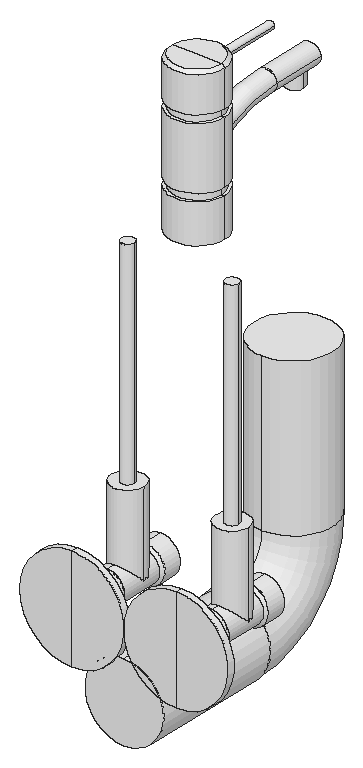
Revit family
Parameters (values of type "Default")
  VVS Number = "635131100"
  URL = "www.maxsibbern.dk"
  Supply Pipe Radius = 5 mm
  Sink Material = Ifö_Porcelain
  Return Pipe Radius = 30 mm
  Reseller = "Max Sibbern A/S"
  Pipes Visible = yes
  Pipe & Fittings = Ifö_Chrome
  Model = "Ifö Sink"
  Manufacturer = "Ifö"
  Ifö Number = "21120"
  Fixture Visible = yes
  Fixture = Ifö_Chrome
  Elevation Top = 870 mm
  Connectors Vertical Placement = 615 mm
  Connector_Out V distance = 50 mm
  Connector_In V distance = 0 mm
  Connector_In H distance = 40 mm
  CE Labeling = "yes"
  Assembly Code = "D2010"
Reference planes
  plane 1 "Wall": y = 0
  plane 2 "Center (Left/Right)": x = 125
  plane 3 "Back": y = 50
  plane 4: z = 615
  plane 5 "Connectors": y = 125
  plane 6 "IN V": z = 615
  plane 7 "Out V": z = 565
  plane 8: x = 85
  plane 9: x = 165
  plane 10: y = 60
  plane 11 "Recomended Floor Placement": z = 0
  plane 12: z = 870
  plane 13: z = 845
  plane 14: z = 745
  plane 15: y = 212.444
  plane 16: z = 850
  plane 17: y = 103.444
  plane 18: z = 850
  plane 19: z = 615
  plane 20: z = 859.901
  plane 21: z = 859.818
Forms (mm)
  Extrusion 1, solid, material "Ifö_Chrome" <- "Pipe & Fittings", visible <- "Pipes Visible"
    sketch origin (560.534, 225, 615) x (1, 0, 0) y (0, 1, 0)
      loop
        circle (-395.534, -121.556) r 12.5
    from 0 to 65
  Extrusion 2, solid, material "Ifö_Chrome" <- "Pipe & Fittings", visible <- "Pipes Visible"
    sketch origin (560.534, 225, 680) x (1, 0, 0) y (0, 1, 0)
      loop
        circle (-395.534, -121.556) r 5
    from 0 to 165
  Extrusion 3, solid, material "Ifö_Chrome" <- "Pipe & Fittings", visible <- "Pipes Visible"
    sketch origin (560.534, 225, 615) x (1, 0, 0) y (0, 1, 0)
      loop
        circle (-475.534, -121.556) r 12.5
    from 0 to 65
  Extrusion 4, solid, material "Ifö_Chrome" <- "Pipe & Fittings", visible <- "Pipes Visible"
    sketch origin (560.534, 225, 680) x (1, 0, 0) y (0, 1, 0)
      loop
        circle (-475.534, -121.556) r 5
    from 0 to 165
  Sweep 5, solid, material "Ifö_Chrome" <- "Pipe & Fittings", visible <- "Pipes Visible"
    path origin (125, 0, 0) x (0, 1, 0) y (0, 0, 1)
      loop
        line (212.444, 745) -> (212.444, 624.947)
        arc (212.444, 624.947) -> (194.886, 582.558) -> (152.497, 565) r 59.947
        line (152.497, 565) -> (50, 565)
    profile origin (125, 101.249, 565) x (0, 0, -1) y (1, 0, 0)
      loop
        circle (0, 0) r 30
  Revolve 6, solid, material "Ifö_Chrome" <- "Pipe & Fittings", visible <- "Pipes Visible"
    sketch origin (85, 225, 546.792) x (0, 0, 1) y (0, 1, 0)
      loop
        line (68.208, -175) -> (68.208, -86.556) -> (62.802, -86.556) -> (53.405, -89.976) -> (53.405, -104.976) -> (55.678, -107.249) -> (55.678, -141.189) -> (53.405, -143.463) -> (53.405, -160.829) -> (28.208, -170) -> (28.208, -175) -> (68.208, -175)
      axis (68.208, -175) -> (68.208, -86.556)
    angle from 0 to 360
  Revolve 7, solid, material "Ifö_Chrome" <- "Pipe & Fittings", visible <- "Pipes Visible"
    sketch origin (165, 225, 546.792) x (0, 0, 1) y (0, 1, 0)
      loop
        line (68.208, -175) -> (68.208, -86.556) -> (62.802, -86.556) -> (53.405, -89.976) -> (53.405, -104.976) -> (55.678, -107.249) -> (55.678, -141.189) -> (53.405, -143.463) -> (53.405, -160.829) -> (28.208, -170) -> (28.208, -175) -> (68.208, -175)
      axis (68.208, -175) -> (68.208, -86.556)
    angle from 0 to 360
Lines and regions (mm)
  Masking region 1, visible <- "Pipes Visible"
    outline origin (-1104.869, 125, 1200) x (-1, 0, 0) y (0, 0, -1)
      loop
        line (-1177.369, 520) -> (-1177.369, 547.003)
        arc (-1177.369, 547.003) -> (-1150.373, 591.33) -> (-1189.869, 625) r 40
        arc (-1189.869, 625) -> (-1229.365, 591.33) -> (-1202.369, 547.003) r 40
        line (-1202.369, 547.003) -> (-1202.369, 520) -> (-1194.869, 520) -> (-1194.869, 453.2) -> (-1184.869, 453.2) -> (-1184.869, 520) -> (-1177.369, 520)
  Masking region 2, visible <- "Fixture Visible"
    outline origin (125, 0, 0) x (0, 1, 0) y (0, 0, 1)
      loop
        line (99, 870) -> (141, 870) -> (141, 912.962)
        arc (141, 912.962) -> (162.895, 922.032) -> (186.391, 925.125) r 90.783
        line (186.391, 925.125) -> (228.455, 925.125) -> (228.455, 941.125) -> (184.854, 941.125)
        arc (184.854, 941.125) -> (162.35, 938.561) -> (141, 931.001) r 100.038
        line (141, 931.001) -> (141, 966.32) -> (190, 966.32) -> (190, 972.157) -> (141, 972.157) -> (141, 980) -> (99, 980) -> (99, 870)
  Masking region 3, visible <- "Pipes Visible"
    outline origin (125, 0, 0) x (0, 1, 0) y (0, 0, 1)
      loop
        line (182.444, 745) -> (182.444, 624.947)
        arc (182.444, 624.947) -> (173.673, 603.771) -> (152.497, 595) r 29.947
        line (152.497, 595) -> (50, 595) -> (50, 535) -> (157.497, 535)
        arc (157.497, 535) -> (217.564, 559.88) -> (242.444, 619.947) r 84.947
        line (242.444, 619.947) -> (242.444, 745) -> (182.444, 745)
  Masking region 4, not visible
    outline origin (1354.869, 75, 1200) x (1, 0, 0) y (0, 0, 1)
      loop
        line (-1144.869, -460) -> (-1019.603, -460)
        arc (-1019.603, -460) -> (-1008.971, -400.401) -> (-1004.869, -340) r 557.093
        line (-1004.869, -340) -> (-1454.869, -340)
        arc (-1454.869, -340) -> (-1450.767, -400.401) -> (-1440.135, -460) r 557.093
        line (-1440.135, -460) -> (-1314.869, -460)
        arc (-1314.869, -460) -> (-1287.456, -463.815) -> (-1259.798, -464.818) r 271.372
        line (-1259.798, -464.818) -> (-1199.94, -464.818)
        arc (-1199.94, -464.818) -> (-1172.281, -463.815) -> (-1144.869, -460) r 271.372
  Masking region 5, not visible
    outline origin (125, 0, 0) x (0, 1, 0) y (0, 0, 1)
      loop
        line (100, 860) -> (100, 741.4) -> (195.929, 741.4)
        arc (195.929, 741.4) -> (204.336, 736.721) -> (213.82, 735.099) r 28.551
        line (213.82, 735.099) -> (291.432, 735.099)
        arc (291.432, 735.099) -> (299.474, 738.147) -> (307.436, 741.4) r 335.729
        line (307.436, 741.4) -> (401.354, 741.4)
        arc (401.354, 741.4) -> (408.647, 744.568) -> (412.198, 751.682) r 11.624
        arc (412.198, 751.682) -> (416.968, 798.947) -> (420.478, 846.321) r 1785.073
        arc (420.478, 846.321) -> (417.928, 855.837) -> (409, 860) r 11.655
        line (409, 860) -> (100, 860)
  Masking region 6, visible <- "Pipes Visible"
    outline origin (1354.869, 125, 1200) x (1, 0, 0) y (0, 0, 1)
      loop
        line (-1177.369, -520) -> (-1184.869, -520) -> (-1184.869, -453.2) -> (-1194.869, -453.2) -> (-1194.869, -520) -> (-1202.369, -520) -> (-1202.369, -547.003)
        arc (-1202.369, -547.003) -> (-1229.365, -591.33) -> (-1189.869, -625) r 40
        arc (-1189.869, -625) -> (-1150.373, -591.33) -> (-1177.369, -547.003) r 40
        line (-1177.369, -547.003) -> (-1177.369, -520)
  Masking region 7, visible <- "Pipes Visible"
    outline origin (125, 0, 0) x (0, 1, 0) y (0, 0, 1)
      loop
        line (138.444, 629.803) -> (115.944, 629.803) -> (115.944, 680) -> (108.444, 680) -> (108.444, 751.301) -> (98.444, 751.301) -> (98.444, 680) -> (90.944, 680) -> (90.944, 629.803) -> (50, 629.803) -> (50, 600.197) -> (138.444, 600.197) -> (138.444, 629.803)
  Masking region 8
    outline origin (0, -75, 0) x (1, 0, 0) y (0, 1, 0)
      loop
        arc (335.61, 125) -> (344.829, 128.819) -> (348.648, 138.038) r 13.038
        line (348.648, 138.038) -> (348.648, 363.038)
        arc (348.648, 363.038) -> (345.506, 394.166) -> (335.715, 423.882) r 144.011
        arc (335.715, 423.882) -> (306.745, 437.7) -> (275, 442.444) r 108.576
        line (275, 442.444) -> (125, 442.444) -> (-25, 442.444)
        arc (-25, 442.444) -> (-56.745, 437.7) -> (-85.715, 423.882) r 108.576
        arc (-85.715, 423.882) -> (-95.506, 394.166) -> (-98.648, 363.038) r 144.011
        line (-98.648, 363.038) -> (-98.648, 138.038)
        arc (-98.648, 138.038) -> (-94.829, 128.819) -> (-85.61, 125) r 13.038
        line (-85.61, 125) -> (335.61, 125)
  Masking region 9, not visible
    outline origin (0, 0, 0) x (1, 0, 0) y (0, 1, 0)
      loop
        arc (335.61, 125) -> (344.829, 128.819) -> (348.648, 138.038) r 13.038
        line (348.648, 138.038) -> (348.648, 363.038)
        arc (348.648, 363.038) -> (345.506, 394.166) -> (335.715, 423.882) r 144.011
        arc (335.715, 423.882) -> (306.745, 437.7) -> (275, 442.444) r 108.576
        line (275, 442.444) -> (125, 442.444) -> (-25, 442.444)
        arc (-25, 442.444) -> (-56.745, 437.7) -> (-85.715, 423.882) r 108.576
        arc (-85.715, 423.882) -> (-95.506, 394.166) -> (-98.648, 363.038) r 144.011
        line (-98.648, 363.038) -> (-98.648, 138.038)
        arc (-98.648, 138.038) -> (-94.829, 128.819) -> (-85.61, 125) r 13.038
        line (-85.61, 125) -> (335.61, 125)
  Masking region 10, visible <- "Pipes Visible"
    outline origin (1354.869, 125, 1200) x (1, 0, 0) y (0, 0, 1)
      loop
        line (-1199.869, -455) -> (-1259.869, -455) -> (-1259.869, -635)
        arc (-1259.869, -635) -> (-1229.869, -665) -> (-1199.869, -635) r 30
        line (-1199.869, -635) -> (-1199.869, -455)
  Masking region 11
    outline origin (125, -50, 9.901) x (0, 1, 0) y (0, 0, 1)
      loop
        line (100, 860) -> (100, 741.4) -> (195.929, 741.4)
        arc (195.929, 741.4) -> (204.336, 736.721) -> (213.82, 735.099) r 28.551
        line (213.82, 735.099) -> (291.432, 735.099)
        arc (291.432, 735.099) -> (299.474, 738.147) -> (307.436, 741.4) r 335.729
        line (307.436, 741.4) -> (401.354, 741.4)
        arc (401.354, 741.4) -> (408.647, 744.568) -> (412.198, 751.682) r 11.624
        arc (412.198, 751.682) -> (416.968, 798.947) -> (420.478, 846.321) r 1785.073
        arc (420.478, 846.321) -> (417.928, 855.837) -> (409, 860) r 11.655
        line (409, 860) -> (100, 860)
  Masking region 12
    outline origin (1354.869, 75, 1209.818) x (1, 0, 0) y (0, 0, 1)
      loop
        line (-1144.869, -460) -> (-1019.603, -460)
        arc (-1019.603, -460) -> (-1008.971, -400.401) -> (-1004.869, -340) r 557.093
        line (-1004.869, -340) -> (-1454.869, -340)
        arc (-1454.869, -340) -> (-1450.767, -400.401) -> (-1440.135, -460) r 557.093
        line (-1440.135, -460) -> (-1314.869, -460)
        arc (-1314.869, -460) -> (-1287.456, -463.815) -> (-1259.798, -464.818) r 271.372
        line (-1259.798, -464.818) -> (-1199.94, -464.818)
        arc (-1199.94, -464.818) -> (-1172.281, -463.815) -> (-1144.869, -460) r 271.372
  Masking region 13, visible <- "Fixture Visible"
    outline origin (1354.869, 125, 1200) x (1, 0, 0) y (0, 0, 1)
      loop
        line (-1208.869, -330) -> (-1208.869, -220) -> (-1250.869, -220) -> (-1250.869, -330) -> (-1208.869, -330)
  symbolic lines, visible <- "Fixture Visible"
    curve 1: circle (125, 125, 940) r 15 normal (0, -1, 0)
  symbolic lines, visible <- "Pipes Visible"
    curve 2: line (177.5, 125, 652.997) -> (177.5, 125, 615)
    curve 3: line (152.5, 125, 652.997) -> (152.5, 125, 615)
    curve 4: arc (152.5, 125, 615) -> (165, 125, 602.5) -> (177.5, 125, 615) r 12.5
    curve 5: line (97.5, 125, 652.997) -> (97.5, 125, 615)
    curve 6: line (72.5, 125, 652.997) -> (72.5, 125, 615)
    curve 7: arc (72.5, 125, 615) -> (85, 125, 602.5) -> (97.5, 125, 615) r 12.5
  symbolic lines
    curve 8: line (210, 125, 749.818) -> (40, 125, 749.818)
    curve 10: line (235, 339.625, 0) -> (15, 339.625, 0)
    curve 11: arc (15, 339.625, 0) -> (-15.707, 337.747, 0) -> (-45.956, 332.141, 0) r 251.964
    curve 12: arc (-45.956, 332.141, 0) -> (-61.096, 318.126, 0) -> (-67.741, 298.594, 0) r 42.019
    curve 13: arc (-67.741, 298.594, 0) -> (-69.827, 267.094, 0) -> (-71.045, 235.548, 0) r 1147.027
    curve 14: line (-71.045, 235.548, 0) -> (-71.045, 155, 0)
    curve 15: arc (-71.045, 155, 0) -> (-66.903, 145, 0) -> (-56.903, 140.858, 0) r 14.142
    curve 16: line (-56.903, 140.858, 0) -> (306.903, 140.858, 0)
    curve 17: arc (235, 339.625, 0) -> (265.707, 337.747, 0) -> (295.956, 332.141, 0) r 251.964
    curve 18: arc (295.956, 332.141, 0) -> (311.096, 318.126, 0) -> (317.741, 298.594, 0) r 42.019
    curve 19: arc (317.741, 298.594, 0) -> (319.827, 267.094, 0) -> (321.045, 235.548, 0) r 1147.027
    curve 20: line (321.045, 235.548, 0) -> (321.045, 155, 0)
    curve 21: arc (321.045, 155, 0) -> (316.903, 145, 0) -> (306.903, 140.858, 0) r 14.142
    curve 34: line (125, 257.436, 751.301) -> (125, 145.929, 751.301)
    curve 35: circle (125, 212.444, 0) r 30 normal (0, 0, 1)
  symbolic lines, not visible
    curve 9: line (125, 307.436, 741.4) -> (125, 195.929, 741.4)
    curve 22: line (235, 414.625, 0) -> (15, 414.625, 0)
    curve 23: arc (15, 414.625, 0) -> (-15.707, 412.747, 0) -> (-45.956, 407.141, 0) r 251.964
    curve 24: arc (-45.956, 407.141, 0) -> (-61.096, 393.126, 0) -> (-67.741, 373.594, 0) r 42.019
    curve 25: arc (-67.741, 373.594, 0) -> (-69.827, 342.094, 0) -> (-71.045, 310.548, 0) r 1147.027
    curve 26: line (-71.045, 310.548, 0) -> (-71.045, 230, 0)
    curve 27: arc (-71.045, 230, 0) -> (-66.903, 220, 0) -> (-56.903, 215.858, 0) r 14.142
    curve 28: line (-56.903, 215.858, 0) -> (306.903, 215.858, 0)
    curve 29: arc (235, 414.625, 0) -> (265.707, 412.747, 0) -> (295.956, 407.141, 0) r 251.964
    curve 30: arc (295.956, 407.141, 0) -> (311.096, 393.126, 0) -> (317.741, 373.594, 0) r 42.019
    curve 31: arc (317.741, 373.594, 0) -> (319.827, 342.094, 0) -> (321.045, 310.548, 0) r 1147.027
    curve 32: line (321.045, 310.548, 0) -> (321.045, 230, 0)
    curve 33: arc (321.045, 230, 0) -> (316.903, 220, 0) -> (306.903, 215.858, 0) r 14.142
Text (mm)
  text "Placement Side" at (-1848.837, 1116.779, 0), in view "Ref. Level"
  text "Placement side" at (0, 1409.804, 2854.306), in view "Left"
  text "Placement side" at (0, 499.811, 2980.732), in view "Right"
Dimensions and locks
  locked: plane 3 "Back" to host wall
  "Connector_Out V distance": plane 7 "Out V" to plane 19
  "Connector_In H distance": plane 2 "Center (Left/Right)" to plane 8
  "Connector_In H distance": plane 9 to plane 2 "Center (Left/Right)"
  "Elevation Top": plane 12 to level
  locked: plane 12 to plane 13 at 25
  level to plane 12 = 870 mm
  locked: plane 14 to Masking region 1 sketch curve at 1.8
  locked: plane 17 to host wall at 53.444
  locked: nested 1 to host wall at 70
  locked: plane 15 to plane 17 at 109
  locked: plane 13 to plane 14 at 100
  "Connector_In V distance": plane 6 "IN V" to plane 19
  locked: plane 4 to plane 6 "IN V" at 0
  "Connectors Vertical Placement": level to plane 19
  locked: plane 3 "Back" to plane 10 at 10
  locked: plane 2 "Center (Left/Right)" to connector elem at 0
  "Connector_Out V distance": connector elem to plane 19
  "Connector_In H distance": connector elem to plane 2 "Center (Left/Right)"  (x2)
  "Connector_In V distance": connector elem to plane 19
  "Connector_In V distance": connector elem to plane 4
  "Return Pipe Radius": radius of Sweep 5 sketch curve
  "Supply Pipe Radius": radius of Extrusion 4 sketch curve
  "Supply Pipe Radius": radius of Extrusion 2 sketch curve
  aligned and locked: plane 1 "Wall" to host wall
  aligned and locked: plane 13 to Extrusion 2
  aligned and locked: Extrusion 4 to Extrusion 2
  aligned and locked: plane 7 "Out V" to Sweep 5 sketch curve
  aligned and locked: Sweep 5 sketch curve to plane 15
  aligned and locked: plane 14 to Sweep 5 sketch curve
  aligned and locked: Masking region 3 sketch curve to Sweep 5  (x2)
  aligned and locked: curve 5 to Masking region 1  (x2)
  aligned and locked: curve 6 to Masking region 1
  aligned and locked: plane 9 to Extrusion 2 sketch curve
  aligned and locked: plane 8 to Extrusion 4 sketch curve
  aligned and locked: plane 17 to Extrusion 3 sketch curve
  aligned and locked: plane 17 to Extrusion 4 sketch curve
  aligned and locked: plane 17 to Extrusion 1 sketch curve
  aligned and locked: plane 17 to Extrusion 2 sketch curve
  aligned and locked: host wall to Revolve 6
  aligned and locked: Masking region 1 sketch curve to Revolve 6
  aligned and locked: Masking region 6 sketch curve to Revolve 7
  aligned and locked: Masking region 7 sketch curve to Revolve 6
  aligned and locked: Masking region 7 sketch curve to Extrusion 3
  aligned and locked: host wall to Masking region 7 sketch curve
  aligned and locked: curve 9 to Masking region 5
  aligned and locked: Masking region 8 to host wall
  aligned and locked: curve 34 to Masking region 11
  aligned and locked: host wall to Masking region 11
  aligned and locked: plane 14 to Masking region 11
  aligned and locked: plane 14 to Masking region 12
  aligned and locked: host wall to Sweep 5 sketch curve
  aligned and locked: Masking region 13 sketch curve to plane 12
  aligned and locked: curve 8 to Masking region 12
  aligned and locked: Masking region 11 to Masking region 7 sketch curve
  aligned and locked: import instance to plane 2 "Center (Left/Right)"
  aligned and locked: import instance to plane 10
Automatic sketch dimensions
  plane 18 to curve 9 = 108.6 mm
  curve 9 to curve 9 = 111.507 mm
  Masking region 5 sketch curve to plane 18 = 10 mm
  Masking region 5 sketch curve to Masking region 5 sketch curve = 76.475 mm
  Masking region 5 sketch curve to Masking region 5 sketch curve = 95.929 mm
  Masking region 5 sketch curve to Masking region 5 sketch curve = 17.891 mm
  Masking region 5 sketch curve to Masking region 5 sketch curve = 77.612 mm
  Masking region 5 sketch curve to Masking region 5 sketch curve = 16.003 mm
  Masking region 5 sketch curve to Masking region 5 sketch curve = 0.705 mm
  plane 18 to Masking region 5 sketch curve = 1.655 mm
  Masking region 5 sketch curve to Masking region 5 sketch curve = 0 mm
  Masking region 5 sketch curve to Masking region 5 sketch curve = 10.844 mm
  Masking region 5 sketch curve to Masking region 5 sketch curve = 7.646 mm
  plane 18 to Masking region 5 sketch curve = 108.6 mm
  Masking region 5 sketch curve to Masking region 5 sketch curve = 6.301 mm
  Masking region 5 sketch curve to Masking region 5 sketch curve = 10.282 mm
  Masking region 5 sketch curve to plane 18 = 104.526 mm
  Masking region 5 sketch curve to Masking region 5 sketch curve = 1461.313 mm
  Masking region 5 sketch curve to Masking region 5 sketch curve = 93.214 mm
  plane 16 to Masking region 4 sketch curve = 17.492 mm  (x2)
  plane 16 to Masking region 4 sketch curve = 10 mm
  Masking region 4 sketch curve to Masking region 4 sketch curve = 107.043 mm
  Masking region 4 sketch curve to plane 16 = 110 mm  (x2)
  Masking region 4 sketch curve to Masking region 4 sketch curve = 14.734 mm  (x2)
  Masking region 4 sketch curve to Masking region 4 sketch curve = 67.872 mm
  Masking region 4 sketch curve to Masking region 4 sketch curve = 125.266 mm
  plane 16 to Masking region 4 sketch curve = 156.525 mm
  Masking region 4 sketch curve to Masking region 4 sketch curve = 191.064 mm
  Masking region 4 sketch curve to Masking region 4 sketch curve = 55.071 mm  (x2)
  Masking region 4 sketch curve to Masking region 4 sketch curve = 59.858 mm
  Extrusion 1 sketch curve to plane 9 = 0 mm
  Extrusion 3 sketch curve to plane 8 = 0 mm
  plane 17 to Sweep 5 sketch curve = 49.053 mm
  Sweep 5 sketch curve to plane 2 "Center (Left/Right)" = 0 mm
  Sweep 5 sketch curve to profile plane = 0 mm
  Masking region 1 sketch curve to Masking region 1 sketch curve = 0 mm  (x2)
  Masking region 1 sketch curve to plane 8 = 5 mm
  Masking region 1 sketch curve to Masking region 1 sketch curve = 7.5 mm
  plane 8 to Masking region 1 sketch curve = 5 mm
  plane 8 to Masking region 1 sketch curve = 12.5 mm
  Masking region 1 sketch curve to Masking region 1 sketch curve = 27.003 mm
  Masking region 2 sketch curve to plane 17 = 4.444 mm
  plane 17 to Masking region 2 sketch curve = 37.556 mm  (x2)
  Masking region 2 sketch curve to Masking region 2 sketch curve = 0 mm
  Masking region 2 sketch curve to plane 13 = 3.913 mm
  plane 15 to Masking region 2 sketch curve = 27.59 mm
  Masking region 2 sketch curve to Masking region 2 sketch curve = 1.537 mm
  plane 15 to Masking region 2 sketch curve = 22.444 mm
  Masking region 2 sketch curve to plane 15 = 16.01 mm
  Masking region 2 sketch curve to plane 13 = 10.658 mm
  Masking region 2 sketch curve to Masking region 2 sketch curve = 42.962 mm
  Masking region 2 sketch curve to Masking region 2 sketch curve = 18.038 mm
  Masking region 2 sketch curve to Masking region 2 sketch curve = 35.32 mm
  Masking region 2 sketch curve to Masking region 2 sketch curve = 5.837 mm
  Masking region 2 sketch curve to Masking region 2 sketch curve = 7.843 mm
  plane 7 "Out V" to Masking region 3 sketch curve = 30 mm
  plane 17 to Masking region 3 sketch curve = 49.053 mm
  Masking region 3 sketch curve to Masking region 3 sketch curve = 5 mm
  Masking region 3 sketch curve to Masking region 3 sketch curve = 24.947 mm
  Masking region 3 sketch curve to plane 15 = 30 mm
  Masking region 3 sketch curve to plane 7 "Out V" = 30 mm
  Revolve 6 sketch curve to host wall = 0 mm  (x2)
  Revolve 6 sketch curve to plane 4 = 0 mm  (x2)
  Revolve 6 sketch curve to Revolve 6 sketch curve = 5.406 mm
  Revolve 6 sketch curve to plane 4 = 12.53 mm
  Revolve 6 sketch curve to Revolve 6 sketch curve = 2.273 mm  (x3)
  Revolve 6 sketch curve to Revolve 6 sketch curve = 9.397 mm
  host wall to Revolve 6 sketch curve = 5 mm
  Revolve 6 sketch curve to Revolve 6 sketch curve = 25.197 mm
  plane 10 to Revolve 6 sketch curve = 4.171 mm
  Revolve 6 sketch curve to Revolve 6 sketch curve = 17.366 mm
  plane 17 to Revolve 6 sketch curve = 14.306 mm
  Revolve 6 sketch curve to Revolve 6 sketch curve = 15 mm
  Revolve 6 sketch curve to Revolve 6 sketch curve = 3.42 mm
  Revolve 6 sketch curve to Revolve 6 sketch curve = 0 mm
  Masking region 6 sketch curve to Masking region 6 sketch curve = 0 mm  (x2)
  plane 14 to Masking region 6 sketch curve = 1.8 mm
  plane 9 to Masking region 6 sketch curve = 5 mm
  Masking region 6 sketch curve to Masking region 6 sketch curve = 7.5 mm
  Masking region 6 sketch curve to plane 9 = 5 mm
  Masking region 6 sketch curve to plane 9 = 12.5 mm
  Masking region 6 sketch curve to Masking region 6 sketch curve = 27.003 mm
  Revolve 7 sketch curve to host wall = 0 mm  (x2)
  Revolve 7 sketch curve to plane 4 = 0 mm  (x2)
  Revolve 7 sketch curve to Revolve 7 sketch curve = 5.406 mm
  Revolve 7 sketch curve to plane 4 = 12.53 mm
  Revolve 7 sketch curve to Revolve 7 sketch curve = 2.273 mm  (x3)
  Revolve 7 sketch curve to Revolve 7 sketch curve = 9.397 mm
  host wall to Revolve 7 sketch curve = 5 mm
  Revolve 7 sketch curve to Revolve 7 sketch curve = 25.197 mm
  plane 10 to Revolve 7 sketch curve = 4.171 mm
  Revolve 7 sketch curve to Revolve 7 sketch curve = 17.366 mm
  plane 17 to Revolve 7 sketch curve = 14.306 mm
  Revolve 7 sketch curve to Revolve 7 sketch curve = 15 mm
  Revolve 7 sketch curve to Revolve 7 sketch curve = 3.42 mm
  Revolve 7 sketch curve to Revolve 7 sketch curve = 0 mm
  Masking region 7 sketch curve to plane 17 = 12.5 mm
  Masking region 7 sketch curve to plane 17 = 5 mm
  plane 17 to Masking region 7 sketch curve = 5 mm
  plane 17 to Masking region 7 sketch curve = 12.5 mm
  Masking region 7 sketch curve to Masking region 7 sketch curve = 0 mm
  plane 4 to Masking region 7 sketch curve = 14.803 mm  (x2)
  Masking region 7 sketch curve to plane 4 = 14.803 mm
  Masking region 8 sketch curve to Masking region 8 sketch curve = 60.715 mm  (x2)
  Masking region 8 sketch curve to Masking region 8 sketch curve = 12.933 mm  (x2)
  Masking region 8 sketch curve to Masking region 8 sketch curve = 30.356 mm
  Masking region 8 sketch curve to Masking region 8 sketch curve = 13.038 mm
  Masking region 8 sketch curve to Masking region 8 sketch curve = 70.358 mm  (x2)
  Masking region 8 sketch curve to Masking region 8 sketch curve = 79.642 mm  (x2)
  Masking region 8 sketch curve to Masking region 8 sketch curve = 60.61 mm
  Masking region 8 sketch curve to Masking region 8 sketch curve = 195.831 mm  (x2)
  Masking region 8 sketch curve to Masking region 8 sketch curve = 29.169 mm
  Masking region 8 sketch curve to Masking region 8 sketch curve = 60.844 mm
  Masking region 9 sketch curve to Masking region 9 sketch curve = 60.715 mm  (x2)
  Masking region 9 sketch curve to Masking region 9 sketch curve = 12.933 mm  (x2)
  Masking region 9 sketch curve to Masking region 9 sketch curve = 30.356 mm
  Masking region 9 sketch curve to Masking region 9 sketch curve = 13.038 mm
  Masking region 9 sketch curve to Masking region 9 sketch curve = 70.358 mm  (x2)
  Masking region 9 sketch curve to Masking region 9 sketch curve = 79.642 mm  (x2)
  Masking region 9 sketch curve to Masking region 9 sketch curve = 60.61 mm
  Masking region 9 sketch curve to Masking region 9 sketch curve = 195.831 mm  (x2)
  Masking region 9 sketch curve to Masking region 9 sketch curve = 29.169 mm
  Masking region 9 sketch curve to Masking region 9 sketch curve = 60.844 mm
  Masking region 10 sketch curve to plane 7 "Out V" = 0 mm
  Masking region 10 sketch curve to plane 14 = 0 mm
  Masking region 10 sketch curve to plane 2 "Center (Left/Right)" = 0 mm
  Masking region 10 sketch curve to plane 2 "Center (Left/Right)" = 30 mm
  plane 20 to curve 34 = 108.6 mm
  curve 34 to curve 34 = 111.507 mm
  Masking region 11 sketch curve to plane 20 = 10 mm
  Masking region 11 sketch curve to Masking region 11 sketch curve = 76.475 mm
  Masking region 11 sketch curve to Masking region 11 sketch curve = 95.929 mm
  Masking region 11 sketch curve to Masking region 11 sketch curve = 17.891 mm
  Masking region 11 sketch curve to Masking region 11 sketch curve = 77.612 mm
  Masking region 11 sketch curve to Masking region 11 sketch curve = 16.003 mm
  Masking region 11 sketch curve to Masking region 11 sketch curve = 0.705 mm
  plane 20 to Masking region 11 sketch curve = 1.655 mm
  Masking region 11 sketch curve to Masking region 11 sketch curve = 0 mm
  Masking region 11 sketch curve to Masking region 11 sketch curve = 10.844 mm
  Masking region 11 sketch curve to Masking region 11 sketch curve = 7.646 mm
  plane 20 to Masking region 11 sketch curve = 108.6 mm
  Masking region 11 sketch curve to Masking region 11 sketch curve = 6.301 mm
  Masking region 11 sketch curve to Masking region 11 sketch curve = 10.282 mm
  Masking region 11 sketch curve to plane 20 = 104.526 mm
  Masking region 11 sketch curve to Masking region 11 sketch curve = 1461.313 mm
  Masking region 11 sketch curve to Masking region 11 sketch curve = 93.214 mm
  plane 12 to Masking region 2 sketch curve = 0 mm
  plane 21 to Masking region 12 sketch curve = 17.492 mm  (x2)
  plane 21 to Masking region 12 sketch curve = 10 mm
  Masking region 12 sketch curve to Masking region 12 sketch curve = 107.043 mm
  Masking region 12 sketch curve to plane 21 = 110 mm  (x2)
  Masking region 12 sketch curve to Masking region 12 sketch curve = 14.734 mm  (x2)
  Masking region 12 sketch curve to Masking region 12 sketch curve = 67.872 mm
  Masking region 12 sketch curve to Masking region 12 sketch curve = 125.266 mm
  plane 21 to Masking region 12 sketch curve = 156.525 mm
  Masking region 12 sketch curve to Masking region 12 sketch curve = 191.064 mm
  Masking region 12 sketch curve to Masking region 12 sketch curve = 55.071 mm  (x2)
  Masking region 12 sketch curve to Masking region 12 sketch curve = 59.858 mm
  curve 35 to plane 2 "Center (Left/Right)" = 0 mm
  plane 15 to curve 35 = 0 mm
  Masking region 13 sketch curve to plane 2 "Center (Left/Right)" = 21 mm
  plane 2 "Center (Left/Right)" to Masking region 13 sketch curve = 21 mm
  plane 12 to Masking region 13 sketch curve = 110 mm
  curve 7 to plane 4 = 0 mm
  curve 7 to plane 8 = 0 mm
  curve 1 to plane 2 "Center (Left/Right)" = 0 mm
  curve 4 to plane 4 = 0 mm
  curve 4 to plane 9 = 0 mm
  plane 8 to curve 8 = 45 mm
  curve 4 to curve 4 = 12.5 mm
  curve 8 to plane 9 = 45 mm
  plane 4 to curve 3 = 37.997 mm
  curve 2 to curve 3 = 0 mm
  plane 12 to curve 1 = 70 mm
  radius of Extrusion 1 sketch curve = 12.5 mm
  radius of Extrusion 3 sketch curve = 12.5 mm
  radius of curve 35 = 30 mm
  radius of curve 1 = 15 mm
Nested families
  nested 1: "Fixture" at (125, 120, 860) x (-1, 0, 0) z (0, 0, 1), visible <- "Fixture Visible", type "Fixture"
Connectors
  piping at (125, 50, 565), driven by "Return Pipe Radius"
    settings: on host wall, index 1, connector radius 30 mm, flow factor 0, pipe flow 0.0 L/s, pressure drop 0.0 Pa, fitting loss kfactor 0, connector angle 0.00°, fixture units 0, flow configuration 0, flow direction 2, fitting loss method 0, system type 16, connector reference index -1, connector utility 0, adjustable connector no, is connector primary yes, fitting loss table "", connector description ""
  piping at (85, 50, 615), driven by "Supply Pipe Radius"
    settings: on host wall, index 2, connector radius 5 mm, flow factor 0, pipe flow 0.0 L/s, pressure drop 0.0 Pa, fitting loss kfactor 0, connector angle 0.00°, fixture units 0, flow configuration 0, flow direction 1, fitting loss method 0, system type 20, connector reference index -1, connector utility 0, adjustable connector no, is connector primary no, fitting loss table "", connector description ""
  piping at (165, 50, 615), driven by "Supply Pipe Radius"
    settings: on host wall, index 3, connector radius 5 mm, flow factor 0, pipe flow 0.0 L/s, pressure drop 0.0 Pa, fitting loss kfactor 0, connector angle 0.00°, fixture units 0, flow configuration 0, flow direction 1, fitting loss method 0, system type 20, connector reference index -1, connector utility 0, adjustable connector no, is connector primary no, fitting loss table "", connector description ""
Definition of nested family "Fixture"
  Parameters (values of type "Fixture")
    Fixture = Ifö_Chrome
    Assembly Code = ""
  Reference planes
    plane 1 "Center (Front/Back)": y = 0
    plane 2: z = 0
    plane 3 "Center (Left/Right)": x = 0
    plane 4: z = 10
    plane 5: z = 83.125
  Forms (mm)
    Revolve 1, solid, material "Ifö_Chrome" <- "Fixture"
      sketch origin (0, 0, 0) x (1, 0, 0) y (0, 0, 1)
        loop
          line (0, 0) -> (0, 120) -> (-18.6, 120) -> (-21, 117.6) -> (-21, 90) -> (-18.6, 90) -> (-18.6, 84) -> (-21, 84) -> (-21, 36) -> (-18.6, 36) -> (-18.6, 30) -> (-21, 30) -> (-21, 0) -> (0, 0)
        axis (0, 0) -> (0, 120)
      angle from 0 to 360
    Sweep 2, solid, material "Ifö_Chrome" <- "Fixture"
      path origin (0, 0, 0.625) x (0, 1, 0) y (0, 0, 1)
        loop
          line (0, 47.922) -> (-9.581, 54.63)
          arc (-9.581, 54.63) -> (-36.543, 67.927) -> (-66.256, 72.5) r 98.81
          line (-66.256, 72.5) -> (-108.455, 72.5)
      profile origin (0, -87.355, 73.125) x (0, 0, -1) y (1, 0, 0)
        loop
          circle (0, 0) r 8
    Extrusion 3, solid, material "Ifö_Chrome" <- "Fixture"
      sketch origin (0, 0, 17.5) x (1, 0, 0) y (0, 0, 1)
        loop
          circle (0, 91.82) r 3
      from 0 to 70
    Extrusion 4, solid, material "Ifö_Chrome" <- "Fixture"
      sketch origin (0, -104.375, 73.125) x (-1, 0, 0) y (0, 1, 0)
        loop
          circle (0, 10.772) r 7
      from 0 to 15
  Dimensions and locks
    aligned and locked: level to plane 2
